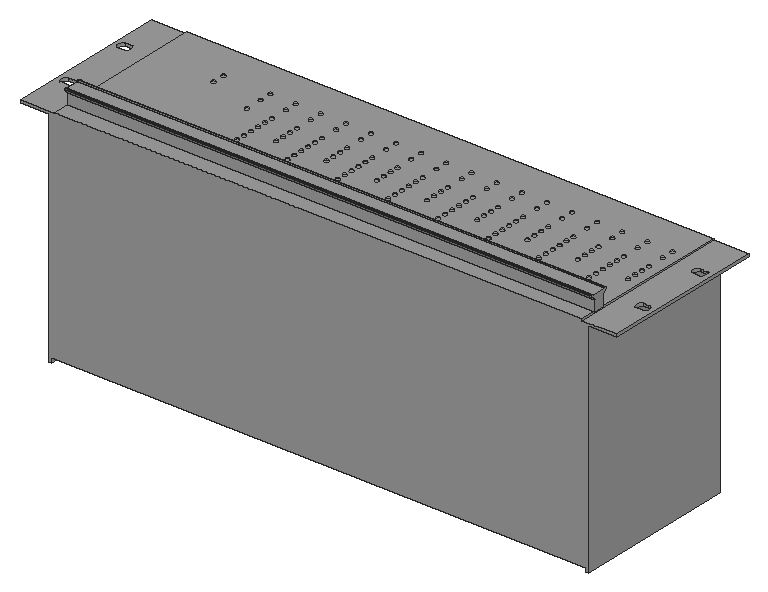
Revit family "Maxlogic alarme matrix panneau", category Fire Alarm Devices, host Face, Revit 2021 (continued)
Lines and regions (mm)
  model lines
    curve 99: line (112.905, 9.358, 266.048) -> (112.905, 122.5, 266.048)
    curve 100: line (115.405, 10, 266.048) -> (115.405, 122.5, 266.048)
    curve 101: line (133.225, 9.358, 266.048) -> (133.225, 122.5, 266.048)
    curve 102: line (135.725, 10, 266.048) -> (135.725, 122.5, 266.048)
    curve 103: line (153.545, 9.358, 266.048) -> (153.545, 122.5, 266.048)
    curve 104: line (156.045, 10, 266.048) -> (156.045, 122.5, 266.048)
    curve 105: line (174.225, 10, 266.048) -> (174.225, 122.5, 266.048)
    curve 106: line (176.245, 122.5, 266.048) -> (176.245, 10, 266.048)
    curve 107: line (173.745, 0, 266.048) -> (173.745, 132.5, 266.048)
    curve 108: line (-193.995, 112.75, 266.048) -> (-202.995, 112.75, 266.048)
    curve 109: line (-193.995, 116.75, 266.048) -> (-193.995, 112.75, 266.048)
    curve 110: line (-187.995, 116.75, 266.048) -> (-193.995, 116.75, 266.048)
    curve 111: line (-202.995, 112.75, 266.048) -> (-202.995, 61.214, 266.048)
    curve 112: arc (-202.995, 47.986, 266.048) -> (-206.495, 54.6, 266.048) -> (-202.995, 61.214, 266.048) r 8
    curve 113: line (-202.995, 47.986, 266.048) -> (-202.995, 19.75, 266.048)
    curve 114: line (-202.995, 19.75, 266.048) -> (-193.995, 19.75, 266.048)
    curve 115: line (-193.995, 19.75, 266.048) -> (-193.995, 15.75, 266.048)
    curve 116: line (-193.995, 15.75, 266.048) -> (-187.995, 15.75, 266.048)
    curve 117: line (-187.995, 15.75, 266.048) -> (-187.995, 116.75, 266.048)
    curve 118: line (-187.995, 116.75, 266.048) -> (-193.995, 116.75, 266.048)
    curve 119: arc (-244.995, 103.75, 266.048) -> (-247.995, 100.75, 266.048) -> (-250.995, 103.75, 266.048) r 3
    curve 120: arc (-250.995, 103.75, 266.048) -> (-247.995, 106.75, 266.048) -> (-244.995, 103.75, 266.048) r 3
    curve 121: arc (-249.495, 103.75, 266.048) -> (-247.995, 102.25, 266.048) -> (-246.495, 103.75, 266.048) r 1.5
    curve 122: arc (-246.495, 103.75, 266.048) -> (-247.995, 105.25, 266.048) -> (-249.495, 103.75, 266.048) r 1.5
    curve 123: arc (-172.995, 103.75, 266.048) -> (-175.995, 100.75, 266.048) -> (-178.995, 103.75, 266.048) r 3
    curve 124: arc (-178.995, 103.75, 266.048) -> (-175.995, 106.75, 266.048) -> (-172.995, 103.75, 266.048) r 3
    curve 125: arc (-177.495, 103.75, 266.048) -> (-175.995, 102.25, 266.048) -> (-174.495, 103.75, 266.048) r 1.5
    curve 126: arc (-174.495, 103.75, 266.048) -> (-175.995, 105.25, 266.048) -> (-177.495, 103.75, 266.048) r 1.5
Dimensions and locks
  aligned and locked: plane 2 to host face
  aligned and locked: level to host face
